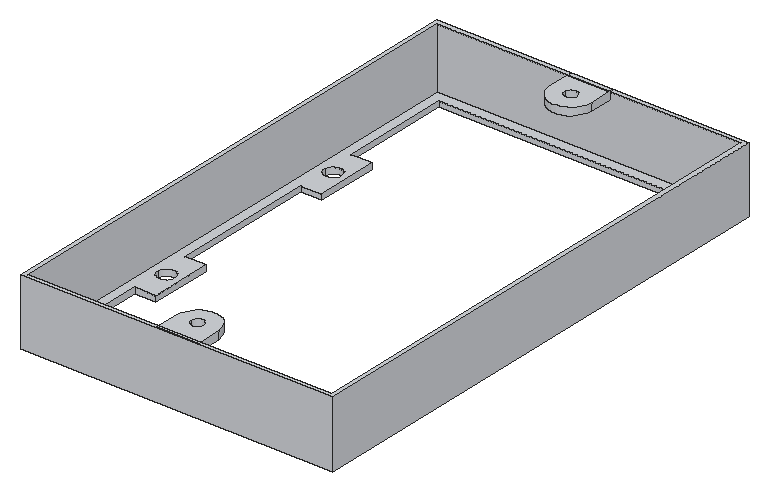
Revit family "EWS10", category Generic Models, Revit 2017
Family settings
  Can host rebar = No
  Round Connector Dimension = Use Diameter
  Part Type = Normal
  Work Plane-Based = Yes
  Always vertical = No
  Cut with Voids When Loaded = No
  Shared = No
  Room Calculation Point = No
Parameters (values of type "NBS Standard Parameters")
  Weight = "0.072Kg"
  WarrantyStartDate [instance] = "1900-12-31T23:59:59"
  WarrantyGuarantorParts = "n/a"
  WarrantyGuarantorLabor = "n/a"
  WarrantyDurationUnit = "1 year"
  WarrantyDurationParts = "n/a"
  WarrantyDurationLabor = "n/a"
  WarrantyDescription = "n/a"
  Version = "1"
  Uniclass2 = "Pr_65_72_97_84"
  TagNumber [instance] = "n/a"
  SustainabilityPerformance = "n/a"
  Size = "16mm"
  Shape = "Rectangular"
  SerialNumber [instance] = "n/a"
  Revision = "n/a"
  ReplacementCost = "n/a"
  ProductInformation = "www.metpro.co.uk/pdf/ews10.pdf"
  NominalWidth = 75 mm
  NominalLength = 135 mm
  NominalHeight = 17 mm
  Name = ""
  NBSTypeID = ""
  NBSReference = "90-60-25/345"
  NBSOfficeMasterTag = ""
  NBSNote = ""
  NBSDescription = "Standard Socket Outlets"
  NBSCertification = ""
  ModelReference = "EWS10"
  ModelNumber = "n/a"
  Material = "Sheet Steel to Comply With BS4667"
  ManufacturerURL = "www.metpro.co.uk"
  ManufacturerName = "Metpro Ltd"
  Keynote = "Compliant to BS4662 &  LU Standard 1-085 (For Use On Surface & Sub-Surface Locations)"
  InstallationDate [instance] = "1900-12-31T23:59:59"
  IfcExportType = ""
  IfcExportAs = ""
  Grade = "n/a"
  Finish = "Pre Galvanised"
  Features = "n/a"
  ExpectedLife = "n/a"
  DurationUnit = "year"
  Description = "EWS10 -16mm Extension Switch & Socket Box"
  Default Elevation = 1219.2 mm
  Constituents = "n/a"
  Color = "n/a"
  CodePerformance = "n/a"
  Category = "n/a"
  BarCode [instance] = "n/a"
  BIMObjectName = "Metpro_metprolibrary_standardsocketoutlets_switchandsocketboxes_metal"
  Author = "Metpro Limited"
  AssetType = ""
  AssetIdentifier [instance] = "n/a"
  AccessibilityPerformance = "n/a"
Reference planes
  plane 1 "Center (Front/Back)": y = 0
  plane 2: z = 0
  plane 3 "Center (Left/Right)": x = 0
Forms (mm)
  Extrusion 1, solid
    sketch origin (4380.395, 1420.454, 0) x (0, 1, 0) y (-1, 0, 0)
      loop
        line (85.058, -2.839) -> (85.058, 72.161) -> (-39.942, 72.161) -> (-39.942, -2.839) -> (85.058, -2.839)
      loop
        line (-38.942, -1.839) -> (84.058, -1.839) -> (84.058, 71.161) -> (-38.942, 71.161) -> (-38.942, -1.839)
    from 0 to 16
  Extrusion 2, solid
    sketch origin (4380.395, 1420.454, 0) x (0, 1, 0) y (-1, 0, 0)
      loop
        line (-38.942, -1.839) -> (84.058, -1.839) -> (84.058, 71.161) -> (-38.942, 71.161) -> (-38.942, -1.839)
      loop
        line (-36.442, 0.661) -> (-9.942, 0.661) -> (-9.942, 5.648) -> (5.058, 5.648) -> (5.058, 0.661) -> (40.058, 0.661) -> (40.058, 5.648) -> (55.058, 5.648) -> (55.058, 0.661) -> (81.558, 0.661) -> (81.558, 68.661) -> (55.058, 68.661) -> (55.058, 63.674) -> (40.058, 63.674) -> (40.058, 68.661) -> (5.058, 68.661) -> (5.058, 63.674) -> (-9.942, 63.674) -> (-9.942, 68.661) -> (-36.442, 68.661) -> (-36.442, 0.661)
      loop
        circle (47.608, 2.338) r 2.11
      loop
        circle (47.608, 66.984) r 2.11
      loop
        circle (-2.493, 2.338) r 2.11
      loop
        circle (-2.493, 66.984) r 2.11
    from 0 to 1.4
  Extrusion 3, solid
    sketch origin (4380.395, 1421.079, 0) x (0, 1, 0) y (-1, 0, 0)
      loop
        line (78.035, 29.661) -> (84.058, 29.661) -> (84.058, 39.661) -> (78.035, 39.661)
        arc (78.035, 39.661) -> (73.035, 34.661) -> (78.035, 29.661) r 5
      loop
        circle (78.035, 34.661) r 1.528
    from 14.243 to 16
  Extrusion 4, solid
    sketch origin (4380.395, 1464.944, 0) x (0, 1, 0) y (-1, 0, 0)
      loop
        arc (-78.035, 29.661) -> (-73.035, 34.661) -> (-78.035, 39.661) r 5
        line (-78.035, 39.661) -> (-84.058, 39.661) -> (-84.058, 29.661) -> (-78.035, 29.661)
      loop
        circle (-78.035, 34.661) r 1.528
    from 14.243 to 16
Dimensions and locks
  aligned and locked: level to plane 2
